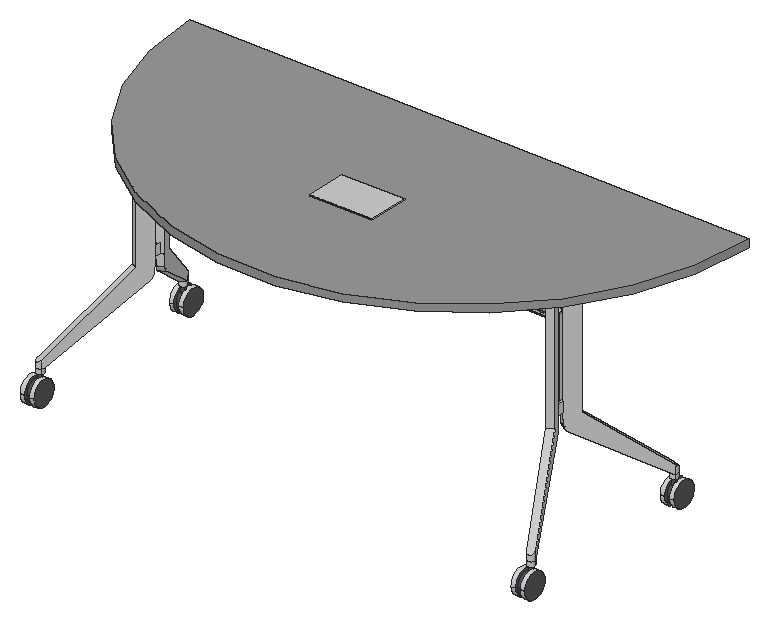
Revit family "Haworth_Planes_CollaborativeTable_HalfRound_AP_PRELIMINARY", category Furniture, Revit 2019
Family settings
  OmniClass Number = 23.40.70.14.64.21
  OmniClass Title = Systems Furniture
  Work Plane-Based = No
  Always vertical = Yes
  Cut with Voids When Loaded = No
  Shared = No
  Room Calculation Point = No
Parameters (values of type "1800w x 900d")
  Warranty = "http://www.haworth.com/resources/product-info/warranties"
  URL - Product = "https://www.haworth.com/ap/en/products/conference-tables/planes-0.html"
  Trim Finish = Haworth _ Polymer _ Undecided
  Top Finish [instance] = Haworth _ Laminate _ Undecided _ Tables
  Support Finish [instance] = Haworth _ Paint _ Undecided _ Table
  Model = "WOPLTAF"  # constant formula
  Leg Height = Actual Height - 25 mm  # 715 mm
  Glides = no
  Flip Top Finish = Haworth _ Paint _ Undecided _ Table
  Flip Top = yes
  Description = "Haworth - Planes - Collaborative Table - Half Round"  # constant formula
  URL = "https://www.haworth.com/ap/en.html"
  Size = "Verify Final Dim. w/ Haworth"  # constant formula
  Revision Number = "1"  # constant formula
  Manufacturer = "Haworth"  # constant formula
  Casters = not(Glides)  # yes
  Caster Finish = Haworth _ Polymer _ Black
  Author = "Haworth (Abd Rahman)"  # constant formula
  Assembly Code = "E2020200"
  Actual Width = 1800 mm  # constant formula
  Actual Height = 740 mm  # constant formula
  Actual Depth = 900 mm  # constant formula
Reference planes
  plane 1 "Center F/B": y = 0
  plane 2: z = 0
  plane 3 "Top": z = 740
  plane 4: x = 0
  plane 5: z = 715
  plane 6: x = -900
  plane 7: x = 900
  plane 8: y = 450
  plane 9: y = -450
  plane 10: x = -640
  plane 11: x = 640
  plane 12: y = -400
  plane 13: x = 850
  plane 14: y = 400
  plane 15: x = -850
Dimensions and locks
  "Actual Height": plane 3 "Top" to level
  "Actual Width": plane 6 to plane 7
  equal spacing: plane 6, plane 4, plane 7
  equal spacing: plane 8, plane 1 "Center F/B", plane 9
  "Actual Depth": plane 8 to plane 9
  locked: plane 3 "Top" to plane 5 at 25
  plane 6 to plane 10 = 260 mm
  plane 11 to plane 7 = 260 mm
  locked: plane 6 to plane 15 at 50
  locked: plane 13 to plane 7 at 50
  locked: plane 12 to plane 9 at 50
  locked: plane 14 to plane 8 at 50
  aligned and locked: nested 1 to plane 4
  aligned and locked: plane 1 "Center F/B" to nested 1
  aligned and locked: plane 3 "Top" to nested 1
  aligned and locked: nested 2 to plane 10
  aligned and locked: nested 3 to plane 11
  aligned and locked: nested 3 to plane 1 "Center F/B"
  aligned and locked: plane 1 "Center F/B" to nested 2
  aligned and locked: plane 2 to nested 2
  aligned and locked: plane 2 to nested 3
  aligned and locked: nested 4 to plane 4
  aligned and locked: plane 1 "Center F/B" to nested 4
  aligned and locked: plane 5 to nested 4
  aligned and locked: nested 5 to plane 4
  aligned and locked: plane 1 "Center F/B" to nested 5
  aligned and locked: nested 5 to plane 3 "Top"
Nested families
  nested 1: "Haworth_Planes_Top_HalfRoundPolygon_AP-PART" at (556.859, 72.1, 5), Top Finish <- "Top Finish", type "Half Round - Polygon - Top"
    with Top Finish Haworth _ Laminate _ Undecided _ Tables, Small Polygon no, Large Polygon no
  nested 2: "Haworth_Planes_Leg-Y" at (-640, 0, 0), type "Leg"
    with Leg Height 715 mm
  nested 3: "Haworth_Planes_Leg-Y" at (640, 0, 0) x (-1, 0, 0) z (0, 0, 1), type "Leg"
    with Leg Height 715 mm
  nested 4: "Haworth_Planes_Beam_Understructure-PART" at (0, 29.1, 0), Support Finish <- "Support Finish", type "Beam Understructure"
    with Support Finish Haworth _ Paint _ Undecided _ Table, Actual Width 1300 mm
  nested 5: "Haworth-Flip Top" at (-14.487, -1.333, -60), visible <- "Flip Top", type "Flip Top - Visio"
    with Actual Width 200 mm, Actual Depth 130 mm
Definition of nested family "Haworth_Planes_Top_HalfRoundPolygon_AP-PART"
  Parameters (values of type "Half Round - Polygon - Top")
    Warranty = "http://www.haworth.com/resources/product-info/warranties"
    URL - Product = ""
    URL = ""
    Top Finish [instance] = none
    Thickness = 25 mm
    Small Polygon = yes
    Size = "Verify Final Dim. w/ Haworth"  # constant formula
    Revision Number = "1"  # constant formula
    Model = ""
    Manufacturer = "Haworth"  # constant formula
    Large Polygon = yes
    Half Round = yes
    Description = ""
    Author = "Haworth (Abd Rahman)"  # constant formula
    Assembly Code = "E2020200"
    Actual Width = 1800 mm
    Actual Mounting Height = 450 mm
    Actual Depth = 900 mm
  Reference planes
    plane 1: z = -5
    plane 2: x = -1456.859
    plane 3: x = 343.141
    plane 4: x = -556.859
    plane 5: y = 377.9
    plane 6: y = -522.1
    plane 7: y = -72.1
    plane 8: z = 735
    plane 9: z = 710
  Forms (mm)
    Extrusion 1, solid, material <- "Top Finish", visible <- "Half Round"
      sketch origin (93.141, 1830.018, -5) x (1, 0, 0) y (0, 1, 0)
        loop
          arc (-1547.879, -1452.118) -> (-650, -2349.997) -> (247.879, -1452.118) r 897.879
          line (247.879, -1452.118) -> (-1547.879, -1452.118)
      from 715 to 740
    Extrusion 2, solid, material <- "Top Finish", visible <- "Large Polygon"
      sketch origin (-3194.131, 1729.194, -5) x (1, 0, 0) y (0, 1, 0)
        loop
          line (1888.599, -1249.992) -> (1667.566, -2126.688) -> (2561.231, -2351.999) -> (2750.35, -2349.161) -> (3614.951, -2128.231) -> (3385.944, -1252.596) -> (1888.599, -1249.992)
      from 715 to 740
    Extrusion 3, solid, material <- "Top Finish", visible <- "Small Polygon"
      sketch origin (3419.788, 3505.51, -5) x (1, 0, 0) y (0, 1, 0)
        loop
          line (-4608.189, -3127.61) -> (-4801.084, -3854.658) -> (-4069.269, -4040.118) -> (-3882.708, -4041.598) -> (-3151.123, -3854.658) -> (-3345.105, -3127.61) -> (-4608.189, -3127.61)
      from 715 to 740
  Lines and regions (mm)
    Masking region 1, visible <- "Small Polygon"
      outline origin (3419.788, 3505.51, -5) x (1, 0, 0) y (0, 1, 0)
        loop
          line (-3151.123, -3854.658) -> (-3345.105, -3127.61) -> (-4608.189, -3127.61) -> (-4801.084, -3854.658) -> (-4069.269, -4040.118) -> (-3882.708, -4041.598) -> (-3151.123, -3854.658)
    Masking region 2, visible <- "Half Round"
      outline origin (93.141, 1830.018, -5) x (1, 0, 0) y (0, 1, 0)
        loop
          line (247.879, -1452.118) -> (-1547.879, -1452.118)
          arc (-1547.879, -1452.118) -> (-650, -2349.997) -> (247.879, -1452.118) r 897.879
    Masking region 3, visible <- "Large Polygon"
      outline origin (-3046.254, 2998.465, -5) x (1, 0, 0) y (0, 1, 0)
        loop
          line (3238.068, -2521.867) -> (1740.723, -2519.264) -> (1519.69, -3395.959) -> (2413.355, -3621.27) -> (2602.474, -3618.432) -> (3467.075, -3397.503) -> (3238.068, -2521.867)
  Dimensions and locks
    equal spacing: plane 2, plane 4, plane 3
    equal spacing: plane 6, plane 7, plane 5
    "Actual Width": plane 2 to plane 3
    "Actual Depth": plane 6 to plane 5
    plane 8 to plane 9 = 25 mm  (x2)
    aligned and locked: level to plane 1
    aligned and locked: plane 8 to Extrusion 1
    aligned and locked: plane 8 to Extrusion 2
    aligned and locked: plane 8 to Extrusion 3
    aligned and locked: Extrusion 1 to plane 9
    aligned and locked: Extrusion 2 to plane 9
    aligned and locked: Extrusion 3 to plane 9
  Automatic sketch dimensions
    Extrusion 1 sketch curve to plane 4 = 0 mm
    Extrusion 1 sketch curve to plane 6 = 900 mm
    Extrusion 1 sketch curve to plane 2 = 2.121 mm
    plane 3 to Extrusion 2 sketch curve = 976.041 mm
    Extrusion 2 sketch curve to Extrusion 2 sketch curve = 189.119 mm
    Extrusion 2 sketch curve to plane 6 = 998.698 mm
    Extrusion 2 sketch curve to Extrusion 2 sketch curve = 635.594 mm
    Extrusion 2 sketch curve to Extrusion 2 sketch curve = 864.601 mm
    Extrusion 2 sketch curve to Extrusion 2 sketch curve = 220.929 mm
    Extrusion 2 sketch curve to Extrusion 2 sketch curve = 2.838 mm
    Extrusion 2 sketch curve to Extrusion 2 sketch curve = 672.632 mm
    Extrusion 2 sketch curve to plane 6 = 1001.302 mm
    Extrusion 2 sketch curve to Extrusion 2 sketch curve = 221.033 mm
    Extrusion 2 sketch curve to Extrusion 2 sketch curve = 876.696 mm
    Extrusion 3 sketch curve to plane 2 = 75.563 mm
    Extrusion 3 sketch curve to Extrusion 3 sketch curve = 731.815 mm
    Extrusion 3 sketch curve to Extrusion 3 sketch curve = 186.561 mm
    Extrusion 3 sketch curve to Extrusion 3 sketch curve = 731.585 mm
    plane 6 to Extrusion 3 sketch curve = 13.988 mm
    Extrusion 3 sketch curve to Extrusion 3 sketch curve = 1.481 mm
    Extrusion 3 sketch curve to Extrusion 3 sketch curve = 185.46 mm
    Extrusion 3 sketch curve to Extrusion 3 sketch curve = 186.94 mm
    Extrusion 3 sketch curve to Extrusion 3 sketch curve = 192.896 mm
    Extrusion 3 sketch curve to Extrusion 3 sketch curve = 193.982 mm
    Extrusion 3 sketch curve to Extrusion 3 sketch curve = 727.048 mm
    Masking region 1 sketch curve to plane 2 = 75.563 mm
    Masking region 1 sketch curve to Masking region 1 sketch curve = 192.896 mm
    Masking region 1 sketch curve to Masking region 1 sketch curve = 731.815 mm
    Masking region 1 sketch curve to Masking region 1 sketch curve = 186.561 mm
    Masking region 1 sketch curve to Masking region 1 sketch curve = 537.603 mm
    Masking region 1 sketch curve to Masking region 1 sketch curve = 193.982 mm
    plane 6 to Masking region 1 sketch curve = 13.988 mm
    Masking region 1 sketch curve to Masking region 1 sketch curve = 1.481 mm
    Masking region 1 sketch curve to Masking region 1 sketch curve = 186.94 mm
    Masking region 1 sketch curve to Masking region 1 sketch curve = 185.46 mm
    Masking region 1 sketch curve to Masking region 1 sketch curve = 727.048 mm
    Masking region 2 sketch curve to plane 2 = 2.121 mm
    Masking region 2 sketch curve to plane 4 = 0 mm
    Masking region 2 sketch curve to plane 6 = 900 mm
    plane 3 to Masking region 3 sketch curve = 1869.705 mm
    Masking region 3 sketch curve to Masking region 3 sketch curve = 221.033 mm
    Masking region 3 sketch curve to Masking region 3 sketch curve = 893.665 mm
    Masking region 3 sketch curve to Masking region 3 sketch curve = 189.119 mm
    Masking region 3 sketch curve to Masking region 3 sketch curve = 635.594 mm
    Masking region 3 sketch curve to Masking region 3 sketch curve = 864.601 mm
    plane 5 to Masking region 3 sketch curve = 1000.705 mm
    Masking region 3 sketch curve to Masking region 3 sketch curve = 2.838 mm
    Masking region 3 sketch curve to Masking region 3 sketch curve = 220.929 mm
    Masking region 3 sketch curve to Masking region 3 sketch curve = 225.311 mm
    Masking region 3 sketch curve to Masking region 3 sketch curve = 875.636 mm
Definition of nested family "Haworth_Planes_Leg-Y"
  Parameters (values of type "Leg")
    Leg Height = 774.7 mm
    Leg Finish = none
    Glides = no
    Casters = yes
    Caster Finish = none
    Assembly Code = ""
  Reference planes
    plane 1 "Center (Front/Back)": y = 0
    plane 2: z = 0
    plane 3 "Center (Left/Right)": x = 0
    plane 4 "Top of Leg": z = 774.7
    plane 5 "Y Leg Stand": x = -149.225
    plane 6 "Left Y Leg": through (-4.476, 15.493, 1219.2) normal (-0.8829, -0.4695, 0)
    plane 7 "Left Post": x = -14.287
    plane 8 "Left Support": y = 287.729
    plane 9: through (-4.476, -15.493, 1219.2) normal (0.8829, -0.4695, 0)
    plane 10: y = -287.729
  Forms (mm)
    Extrusion 1, solid, material <- "Leg Finish"
      sketch origin (-13.106, 0, 0) x (1, 0, 0) y (0, 0, 1)
        loop
          line (7.144, 346.075) -> (7.144, 377.825) -> (-1.181, 377.825) -> (-1.181, 346.075) -> (7.144, 346.075)
      from -25.4 to 25.4
    Extrusion 2, solid, material <- "Leg Finish"
      sketch origin (-4.476, 15.493, 1219.2) x (0.469468, -0.88295, 0) y (0, 0, -1)
        loop
          line (-50.8, 882.657) -> (-50.8, 444.5) -> (0, 444.5) -> (0, 873.308) -> (-2.538, 909.601)
          arc (-2.538, 909.601) -> (-6.012, 920.969) -> (-14.114, 929.665) r 26.437
          line (-14.114, 929.665) -> (-299.087, 1116.593) -> (-321.132, 1116.593) -> (-321.132, 1102.547) -> (-50.8, 882.657)
      from -11.113 to 11.113
    Extrusion 3, void
      sketch origin (18.686, 21.929, 0) x (0.88295, 0.469468, 0) y (-0.469468, 0.88295, 0)
        loop
          arc (-34.584, 313.517) -> (-23.472, 324.63) -> (-12.359, 313.517) r 11.112
          line (-12.359, 313.517) -> (-7.908, 313.517) -> (-7.908, 327.429) -> (-39.035, 327.429) -> (-39.035, 313.517) -> (-34.584, 313.517)
      from 81.937 to 140.104
    Revolve 4, solid, material <- "Leg Finish", visible <- "Glides"
      sketch origin (-149.466, -1.061, 0) x (-0.000803, -1, 0) y (0, 0, 1)
        loop
          line (-288.79, 87.312) -> (-288.79, 0) -> (-263.39, 0) -> (-263.39, 4.762) -> (-277.678, 4.762) -> (-277.678, 87.312) -> (-288.79, 87.312)
        axis (-288.79, 87.312) -> (-288.79, 0)
      angle from 0 to 360
    Extrusion 5, solid, material <- "Leg Finish"
      sketch origin (18.686, 21.929, 0) x (0.88295, 0.469468, 0) y (-0.469468, 0.88295, 0)
        loop
          circle (-23.472, 313.517) r 11.112
      from 87.312 to 102.607
    Extrusion 6, solid, material <- "Leg Finish"
      sketch origin (-4.476, -15.493, 1219.2) x (0.469468, 0.88295, 0) y (0, 0, 1)
        loop
          line (-50.8, -882.657) -> (-321.132, -1102.547) -> (-321.132, -1116.593) -> (-299.087, -1116.593) -> (-14.114, -929.665)
          arc (-14.114, -929.665) -> (-6.012, -920.969) -> (-2.538, -909.601) r 26.437
          line (-2.538, -909.601) -> (0, -873.308) -> (0, -444.5) -> (-50.8, -444.5) -> (-50.8, -882.657)
      from -11.113 to 11.113
    Extrusion 7, void
      sketch origin (18.686, -21.929, 0) x (0.88295, -0.469468, 0) y (0.469468, 0.88295, 0)
        loop
          line (-34.584, -313.517) -> (-39.035, -313.517) -> (-39.035, -327.429) -> (-7.908, -327.429) -> (-7.908, -313.517) -> (-12.359, -313.517)
          arc (-12.359, -313.517) -> (-23.472, -324.63) -> (-34.584, -313.517) r 11.112
      from 81.937 to 140.104
    Revolve 8, solid, material <- "Leg Finish", visible <- "Glides"
      sketch origin (-149.448, 1.061, 0) x (-0.000803, 1, 0) y (0, 0, -1)
        loop
          line (-288.79, -87.312) -> (-277.678, -87.312) -> (-277.678, -4.762) -> (-263.39, -4.762) -> (-263.39, 0) -> (-288.79, 0) -> (-288.79, -87.312)
        axis (-288.79, -87.312) -> (-288.79, 0)
      angle from 0 to 360
    Extrusion 9, solid, material <- "Leg Finish"
      sketch origin (18.686, -21.929, 0) x (0.88295, -0.469468, 0) y (0.469468, 0.88295, 0)
        loop
          circle (-23.472, -313.517) r 11.112
      from 87.312 to 102.607
  Cuts and joins
    Extrusion 3, Extrusion 7 cuts Extrusion 1
    Extrusion 3, Extrusion 7 cuts Extrusion 2
    Extrusion 7 cuts Extrusion 5
    Extrusion 7 cuts Extrusion 6
    Extrusion 7 cuts Extrusion 9
    joined: Extrusion 1, Extrusion 2, Extrusion 5, Extrusion 6, Extrusion 9
    Extrusion 7 cuts Revolve 4
    Extrusion 7 cuts Revolve 8
  Dimensions and locks
    "Leg Height": plane 4 "Top of Leg" to level
    plane 5 "Y Leg Stand" to plane 3 "Center (Left/Right)" = 149.225 mm
    locked: plane 7 "Left Post" to plane 3 "Center (Left/Right)" at 14.288
  Automatic sketch dimensions
    plane 7 "Left Post" to Extrusion 1 sketch curve = 0 mm
    Extrusion 1 sketch curve to plane 3 "Center (Left/Right)" = 5.962 mm
    level to Extrusion 1 sketch curve = 346.075 mm
    Extrusion 1 sketch curve to Extrusion 1 sketch curve = 31.75 mm
    plane 4 "Top of Leg" to Extrusion 2 sketch curve = 0 mm
    Extrusion 2 sketch curve to level = 116.653 mm
    Extrusion 2 sketch curve to level = 102.607 mm
    Extrusion 2 sketch curve to Extrusion 2 sketch curve = 22.044 mm
    Extrusion 2 sketch curve to Extrusion 2 sketch curve = 270.332 mm
    Extrusion 2 sketch curve to Extrusion 2 sketch curve = 21.89 mm
    Extrusion 2 sketch curve to level = 289.535 mm
    Extrusion 2 sketch curve to Extrusion 2 sketch curve = 14.796 mm
    Extrusion 2 sketch curve to level = 309.599 mm
    Extrusion 2 sketch curve to Extrusion 2 sketch curve = 11.576 mm
    Extrusion 2 sketch curve to Extrusion 2 sketch curve = 50.8 mm
    Extrusion 2 sketch curve to Extrusion 2 sketch curve = 25.1 mm
    Extrusion 2 sketch curve to Extrusion 2 sketch curve = 36.294 mm
    Extrusion 3 sketch curve to plane 5 "Y Leg Stand" = 0 mm
    Extrusion 3 sketch curve to plane 6 "Left Y Leg" = 0 mm
    Extrusion 3 sketch curve to plane 6 "Left Y Leg" = 11.112 mm
    Extrusion 3 sketch curve to Extrusion 3 sketch curve = 4.451 mm  (x2)
    Extrusion 3 sketch curve to Extrusion 3 sketch curve = 13.912 mm
    Revolve 4 sketch curve to level = 0 mm
    level to Revolve 4 sketch curve = 87.093 mm
    Revolve 4 sketch curve to Revolve 4 sketch curve = 0 mm
    level to Revolve 4 sketch curve = 4.763 mm
    Revolve 4 sketch curve to Revolve 4 sketch curve = 11.113 mm
    Revolve 4 sketch curve to Revolve 4 sketch curve = 14.287 mm
    Revolve 4 sketch curve to level = 27.207 mm
    Revolve 4 sketch curve to Revolve 4 sketch curve = 0.22 mm
    Extrusion 5 sketch curve to plane 5 "Y Leg Stand" = 0 mm
    Extrusion 5 sketch curve to plane 6 "Left Y Leg" = 0 mm
    Extrusion 6 sketch curve to plane 4 "Top of Leg" = 0 mm
    level to Extrusion 6 sketch curve = 116.653 mm
    level to Extrusion 6 sketch curve = 102.607 mm
    Extrusion 6 sketch curve to Extrusion 6 sketch curve = 22.044 mm
    Extrusion 6 sketch curve to Extrusion 6 sketch curve = 270.332 mm
    Extrusion 6 sketch curve to Extrusion 6 sketch curve = 21.89 mm
    level to Extrusion 6 sketch curve = 289.535 mm
    Extrusion 6 sketch curve to Extrusion 6 sketch curve = 14.796 mm
    level to Extrusion 6 sketch curve = 309.599 mm
    Extrusion 6 sketch curve to Extrusion 6 sketch curve = 11.576 mm
    Extrusion 6 sketch curve to Extrusion 6 sketch curve = 50.8 mm
    Extrusion 6 sketch curve to Extrusion 6 sketch curve = 25.1 mm
    Extrusion 6 sketch curve to Extrusion 6 sketch curve = 36.294 mm
    Extrusion 7 sketch curve to plane 5 "Y Leg Stand" = 0 mm
    plane 9 to Extrusion 7 sketch curve = 0 mm
    plane 9 to Extrusion 7 sketch curve = 11.112 mm
    Extrusion 7 sketch curve to Extrusion 7 sketch curve = 4.451 mm  (x2)
    Extrusion 7 sketch curve to Extrusion 7 sketch curve = 13.912 mm
    Revolve 8 sketch curve to level = 0 mm
    level to Revolve 8 sketch curve = 87.093 mm
    Revolve 8 sketch curve to Revolve 8 sketch curve = 0 mm
    level to Revolve 8 sketch curve = 4.763 mm
    Revolve 8 sketch curve to Revolve 8 sketch curve = 11.113 mm
    Revolve 8 sketch curve to Revolve 8 sketch curve = 14.287 mm
    Revolve 8 sketch curve to Revolve 8 sketch curve = 0.22 mm
    Revolve 8 sketch curve to level = 27.207 mm
    Extrusion 9 sketch curve to plane 5 "Y Leg Stand" = 0 mm
    plane 9 to Extrusion 9 sketch curve = 0 mm
    radius of Extrusion 5 sketch curve = 11.112 mm
    radius of Extrusion 9 sketch curve = 11.112 mm
  Nested families
    nested 1: "Haworth_3in Caster" at (-149.225, 287.729, 0), visible <- "Casters", type "Haworth_3in Caster"
    nested 2: "Haworth_3in Caster" at (-149.225, -287.729, 0), visible <- "Casters", type "Haworth_3in Caster"
  Definition of nested family "Haworth_3in Caster"
    Parameters
      Glides = yes
      Caster Finish = none
      Cart Leg Finish = none
      Assembly Code = ""
    Reference planes
      plane 1 "Center (Front/Back)": y = 0
      plane 2: z = 0
      plane 3 "Center (Left/Right)": x = 0
    Forms (mm)
      Extrusion 1, solid
        sketch origin (0, 0, -0.538) x (0, 1, 0) y (0, 0, 1)
          loop
            circle (-12.369, 40.225) r 39.688
        from 22.225 to 7.938
      Extrusion 2, solid
        sketch origin (0, 0, -0.538) x (0, 1, 0) y (0, 0, 1)
          loop
            circle (-12.369, 40.225) r 39.688
        from -22.225 to -7.938
      Extrusion 3, solid
        sketch origin (0, 0, 0) x (0, 1, 0) y (0, 0, 1)
          loop
            circle (-12.369, 39.687) r 33.338
        from -7.938 to 7.938
      Extrusion 4, solid
        sketch origin (0, 0, 0) x (1, 0, 0) y (0, 1, 0)
          loop
            circle (0, 0) r 6.35
        from 61.913 to 87.313
    Cuts and joins
      joined: Extrusion 3, Extrusion 4
    Dimensions and locks
      plane 3 "Center (Left/Right)" to Extrusion 2 = 7.938 mm
      Extrusion 1 to plane 3 "Center (Left/Right)" = 22.225 mm
Definition of nested family "Haworth_Planes_Beam_Understructure-PART"
  Parameters (values of type "Beam Understructure")
    Support Finish [instance] = none
    Assembly Code = ""
    Actual Width = 1400 mm
    Actual Depth = 133 mm  # constant formula
  Reference planes
    plane 1 "Center (Front/Back)": y = -29.1
    plane 2: z = 0
    plane 3 "Center (Left/Right)": x = 0
    plane 4: z = 715
    plane 5: x = -700
    plane 6: x = 700
    plane 7: z = 635
    plane 8: y = 37.4
    plane 9: y = -95.6
  Forms (mm)
    Extrusion 1, solid, material <- "Support Finish"
      sketch origin (0, -102.4, 16.467) x (0, 1, 0) y (0, 0, 1)
        loop
          arc (110.838, 646.415) -> (111.458, 647.913) -> (112.956, 648.533) r 2.118
          line (112.956, 648.533) -> (131.591, 648.533)
          arc (131.591, 648.533) -> (137.423, 650.949) -> (139.838, 656.78) r 8.247
          line (139.838, 656.78) -> (139.838, 689.631)
          arc (139.838, 689.631) -> (137.231, 695.926) -> (130.936, 698.533) r 8.902
          line (130.936, 698.533) -> (121.938, 698.533)
          arc (121.938, 698.533) -> (120.453, 697.918) -> (119.838, 696.433) r 2.1
          line (119.838, 696.433) -> (119.838, 652.533) -> (118.839, 651.533) -> (112.838, 651.533)
          arc (112.838, 651.533) -> (109.302, 650.069) -> (107.838, 646.533) r 5
          line (107.838, 646.533) -> (107.838, 623.698)
          arc (107.838, 623.698) -> (107.204, 622.167) -> (105.674, 621.533) r 2.164
          line (105.674, 621.533) -> (40.925, 621.533)
          arc (40.925, 621.533) -> (39.449, 622.145) -> (38.838, 623.621) r 2.088
          line (38.838, 623.621) -> (38.838, 646.533)
          arc (38.838, 646.533) -> (37.373, 650.069) -> (33.838, 651.533) r 5
          line (33.838, 651.533) -> (27.838, 651.533) -> (26.838, 652.533) -> (26.838, 696.483)
          arc (26.838, 696.483) -> (26.238, 697.933) -> (24.789, 698.533) r 2.05
          line (24.789, 698.533) -> (15.348, 698.533)
          arc (15.348, 698.533) -> (9.331, 696.041) -> (6.838, 690.024) r 8.509
          line (6.838, 690.024) -> (6.838, 656.933)
          arc (6.838, 656.933) -> (9.299, 650.993) -> (15.239, 648.533) r 8.4
          line (15.239, 648.533) -> (33.79, 648.533)
          arc (33.79, 648.533) -> (35.238, 647.933) -> (35.838, 646.485) r 2.048
          line (35.838, 646.485) -> (35.838, 623.876)
          arc (35.838, 623.876) -> (37.403, 620.098) -> (41.18, 618.533) r 5.343
          line (41.18, 618.533) -> (105.838, 618.533)
          arc (105.838, 618.533) -> (109.373, 619.997) -> (110.838, 623.533) r 5
          line (110.838, 623.533) -> (110.838, 646.415)
      from -700 to 700
  Lines and regions (mm)
    Masking region 1
      outline origin (0, 0, 0) x (1, 0, 0) y (0, 1, 0)
        loop
          line (-700, 37.4) -> (-700, -95.6) -> (700, -95.6) -> (700, 37.4) -> (-700, 37.4)
  Dimensions and locks
    "Actual Width": plane 5 to plane 6
    equal spacing: plane 5, plane 3 "Center (Left/Right)", plane 6
    plane 7 to plane 4 = 80 mm
    equal spacing: plane 8, plane 1 "Center (Front/Back)", plane 9
    "Actual Depth": plane 8 to plane 9
    locked: plane 4 to plane 7 at 80
    aligned and locked: Extrusion 1 to plane 5
    aligned and locked: plane 6 to Extrusion 1
    aligned and locked: plane 9 to Masking region 1 sketch curve
    aligned and locked: Masking region 1 sketch curve to plane 8
    aligned and locked: Masking region 1 sketch curve to plane 6
    aligned and locked: plane 5 to Masking region 1 sketch curve
  Automatic sketch dimensions
    plane 1 "Center (Front/Back)" to Extrusion 1 sketch curve = 66.461 mm
    Extrusion 1 sketch curve to Extrusion 1 sketch curve = 8.4 mm
    Extrusion 1 sketch curve to Extrusion 1 sketch curve = 8.509 mm
    Extrusion 1 sketch curve to Extrusion 1 sketch curve = 9.441 mm
    Extrusion 1 sketch curve to Extrusion 1 sketch curve = 11.6 mm
    Extrusion 1 sketch curve to Extrusion 1 sketch curve = 1 mm  (x4)
    Extrusion 1 sketch curve to Extrusion 1 sketch curve = 5.952 mm
    Extrusion 1 sketch curve to Extrusion 1 sketch curve = 0.048 mm  (x2)
    Extrusion 1 sketch curve to Extrusion 1 sketch curve = 2.048 mm
    Extrusion 1 sketch curve to Extrusion 1 sketch curve = 3 mm  (x2)
    Extrusion 1 sketch curve to Extrusion 1 sketch curve = 2.088 mm
    Extrusion 1 sketch curve to Extrusion 1 sketch curve = 0.255 mm
    Extrusion 1 sketch curve to Extrusion 1 sketch curve = 64.493 mm
    Extrusion 1 sketch curve to Extrusion 1 sketch curve = 0.164 mm
    Extrusion 1 sketch curve to Extrusion 1 sketch curve = 2 mm  (x2)
    Extrusion 1 sketch curve to Extrusion 1 sketch curve = 0.118 mm  (x2)
    Extrusion 1 sketch curve to Extrusion 1 sketch curve = 6 mm
    Extrusion 1 sketch curve to Extrusion 1 sketch curve = 2.1 mm
    Extrusion 1 sketch curve to Extrusion 1 sketch curve = 8.998 mm
    Extrusion 1 sketch curve to Extrusion 1 sketch curve = 11.753 mm
    Extrusion 1 sketch curve to Extrusion 1 sketch curve = 8.902 mm
    Extrusion 1 sketch curve to plane 4 = 80 mm
    Extrusion 1 sketch curve to Extrusion 1 sketch curve = 2.343 mm
    Extrusion 1 sketch curve to Extrusion 1 sketch curve = 22.882 mm
    Extrusion 1 sketch curve to Extrusion 1 sketch curve = 22.61 mm
    Extrusion 1 sketch curve to plane 4 = 8.902 mm
    Extrusion 1 sketch curve to plane 4 = 8.509 mm
Definition of nested family "Haworth-Flip Top"
  Parameters (values of type "Flip Top - Visio")
    Warranty = ""
    URL - Product = ""
    URL = ""
    Sustainability Info = ""
    Size = "Verify Final Dim. w/ Haworth"  # constant formula
    Single Sided = no
    Single Sided Wide = yes
    Revision Number = ""
    OmniClass Number = ""
    Material Options = ""
    Manufacturer = "Haworth"  # constant formula
    LEED Data = ""
    Flip Top Height = 25 mm
    Flip Top Finish = none
    Double Sided = no
    Double Sided Wide = no
    Author = "SHAPE Environments, LLC"  # constant formula
    Assembly Code = ""
    Actual Width = 500 mm
    Actual Height = 800 mm
    Actual Depth = 110 mm
  Reference planes
    plane 1 "Center F/B": y = 1.333
    plane 2: z = 0
    plane 3 "Center L/R": x = 14.487
    plane 4 "Back": y = 56.333
    plane 5 "Right": x = 264.487
    plane 6 "Front": y = -53.667
    plane 7 "Left": x = -235.513
    plane 8 "Table Height": z = 800
    plane 9: z = 775
  Forms (mm)
    Extrusion 1, solid, material <- "Flip Top Finish"
      sketch origin (0, 0, 800) x (-1, 0, 0) y (0, -1, 0)
        loop
          line (235.513, -56.333) -> (235.513, 53.667) -> (-264.487, 53.667) -> (-264.487, -56.333) -> (235.513, -56.333)
      from 0 to 3.175
    Extrusion 2, solid, material <- "Flip Top Finish"
      sketch origin (0, 0, 800) x (-1, 0, 0) y (0, -1, 0)
        loop
          line (232.338, -51.571) -> (232.338, 48.904) -> (-261.312, 48.904) -> (-261.312, -51.571) -> (232.338, -51.571)
      from 0 to -25
  Cuts and joins
    joined: Extrusion 1, Extrusion 2
  Lines and regions (mm)
    symbolic lines
      curve 1: line (-235.513, 56.333, 800) -> (264.487, 56.333, 800)
      curve 2: line (-235.513, -53.667, 800) -> (-235.513, 56.333, 800)
      curve 3: line (264.487, -53.667, 800) -> (-235.513, -53.667, 800)
      curve 4: line (264.487, 56.333, 800) -> (264.487, -53.667, 800)
  Dimensions and locks
    equal spacing: plane 7 "Left", plane 3 "Center L/R", plane 5 "Right"
    "Actual Width": plane 7 "Left" to plane 5 "Right"
    equal spacing: plane 6 "Front", plane 1 "Center F/B", plane 4 "Back"
    "Actual Depth": plane 4 "Back" to plane 6 "Front"
    plane 7 "Left" to Extrusion 2 sketch curve = 3.175 mm
    plane 4 "Back" to Extrusion 2 sketch curve = 4.762 mm
    Extrusion 2 sketch curve to plane 5 "Right" = 3.175 mm
    Extrusion 2 sketch curve to plane 6 "Front" = 4.763 mm
    "Actual Height": plane 8 "Table Height" to level
    "Flip Top Height": plane 8 "Table Height" to plane 9
    aligned and locked: plane 7 "Left" to Extrusion 1 sketch curve
    aligned and locked: Extrusion 1 sketch curve to plane 4 "Back"
    aligned and locked: Extrusion 1 sketch curve to plane 6 "Front"
    aligned and locked: Extrusion 1 sketch curve to plane 5 "Right"
    aligned and locked: cut or joined group of Extrusion 1, Extrusion 2 to plane 9
  Automatic sketch dimensions
    curve 4 to plane 5 "Right" = 0 mm
    curve 2 to plane 4 "Back" = 0 mm
    curve 2 to plane 7 "Left" = 0 mm
    curve 4 to plane 6 "Front" = 0 mm
